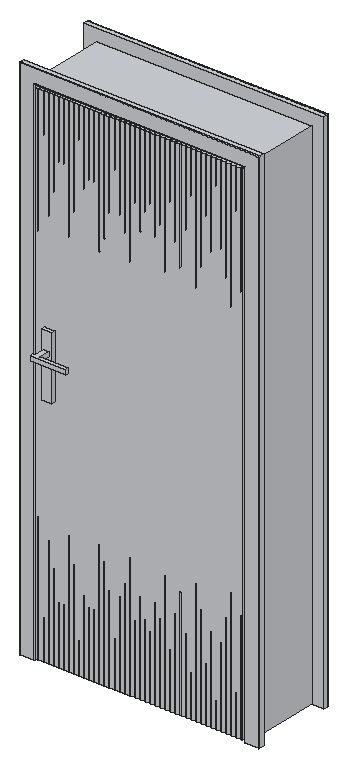
Revit family "PortaVECTORbp_G", category Drzwi, Revit 2016 (continued)
Definition of nested family "skrzydło"
  Automatic sketch dimensions
    Extrusion 3 sketch curve to Extrusion 3 sketch curve = 65.833 mm  (x4)
    Extrusion 3 sketch curve to Extrusion 3 sketch curve = 502.525 mm  (x2)
    Extrusion 3 sketch curve to Extrusion 3 sketch curve = 13.084 mm  (x2)
    Extrusion 3 sketch curve to Extrusion 3 sketch curve = 2.362 mm  (x2)
    Extrusion 3 sketch curve to Extrusion 3 sketch curve = 16.6 mm  (x2)
    Extrusion 3 sketch curve to Extrusion 3 sketch curve = 21.2 mm  (x2)
    Extrusion 3 sketch curve to Extrusion 3 sketch curve = 15.911 mm  (x2)
    Extrusion 3 sketch curve to Extrusion 3 sketch curve = 82.699 mm
    Extrusion 3 sketch curve to Extrusion 3 sketch curve = 96.553 mm  (x2)
    Extrusion 3 sketch curve to Extrusion 3 sketch curve = 106.581 mm  (x2)
    Extrusion 3 sketch curve to Extrusion 3 sketch curve = 28.113 mm
    Extrusion 3 sketch curve to Extrusion 3 sketch curve = 0.585 mm
    Extrusion 3 sketch curve to Extrusion 3 sketch curve = 12.592 mm  (x2)
    Extrusion 3 sketch curve to Extrusion 3 sketch curve = 50.701 mm  (x2)
    Extrusion 3 sketch curve to Extrusion 3 sketch curve = 95.148 mm  (x2)
    Extrusion 3 sketch curve to Extrusion 3 sketch curve = 57.966 mm
    Extrusion 3 sketch curve to Extrusion 3 sketch curve = 113.639 mm
    Extrusion 3 sketch curve to Extrusion 3 sketch curve = 108.581 mm  (x2)
    Extrusion 2 sketch curve to plane 3 "Środek (Lewa/Prawa)" = 115.217 mm  (x2)
    Extrusion 3 sketch curve to plane 3 "Środek (Lewa/Prawa)" = 115.217 mm  (x2)
  Nested families
    nested 1: "KLAMKA" at (-354, -33.5, 1067), Materiał klamki <- "Materiał_klamka", type "KLAMKA"
      with Materiał klamki none
    nested 2: "KLAMKA" at (-354, 6.5, 1067), Materiał klamki <- "Materiał_klamka", type "KLAMKA"
      with Materiał klamki none
  Definition of nested family "KLAMKA"
    Parameters
      Materiał klamki [instance] = none
      Assembly Code = ""
      Default Elevation = 1219.2 mm
    Reference planes
      plane 1 "Center (Front/Back)": y = 0
      plane 2: z = 0
      plane 3 "Center (Left/Right)": x = 0
      plane 4: z = 125
      plane 5: z = -125
      plane 6: x = 20
      plane 7: x = -20
      plane 8: y = -70
      plane 9: y = -60
      plane 10: x = 10
      plane 11: x = -10
      plane 12: x = 120
      plane 13: z = 35
      plane 14: z = 55
      plane 15: y = -15
    Forms (mm)
      Extrusion 1, solid, material <- "Materiał klamki"
        sketch origin (0, 0, 0) x (1, 0, 0) y (0, 0, 1)
          loop
            line (-20, 125) -> (-20, -125) -> (20, -125) -> (20, 125) -> (-20, 125)
        from 0 to 15
      Extrusion 2, solid, material <- "Materiał klamki"
        sketch origin (0, 0, 0) x (1, 0, 0) y (0, 1, 0)
          loop
            line (-10, -15) -> (-10, -60) -> (-20, -60) -> (-20, -70) -> (120, -70) -> (120, -60) -> (10, -60) -> (10, -15) -> (-10, -15)
        from 35 to 55
    Dimensions and locks
      equal spacing: plane 4, plane 2, plane 5
      plane 4 to plane 5 = 250 mm
      equal spacing: plane 7, plane 3 "Center (Left/Right)", plane 6
      plane 7 to plane 6 = 40 mm
      plane 8 to plane 1 "Center (Front/Back)" = 70 mm
      plane 11 to plane 3 "Center (Left/Right)" to plane 10 = 10 mm locked, 10 mm locked
      plane 7 to plane 12 = 140 mm
      plane 15 to plane 1 "Center (Front/Back)" = 15 mm
      aligned and locked: plane 7 to Extrusion 1 sketch curve
      aligned and locked: Extrusion 1 sketch curve to plane 4
      aligned and locked: plane 5 to Extrusion 1 sketch curve
      aligned and locked: Extrusion 1 sketch curve to plane 6
      aligned and locked: plane 15 to Extrusion 1
      aligned and locked: Extrusion 1 to plane 1 "Center (Front/Back)"
      aligned and locked: plane 14 to Extrusion 2
      aligned and locked: Extrusion 2 to plane 13
    Automatic sketch dimensions
      Extrusion 2 sketch curve to plane 7 = 0 mm
      Extrusion 2 sketch curve to plane 9 = 0 mm  (x2)
      Extrusion 2 sketch curve to plane 11 = 0 mm
      Extrusion 2 sketch curve to plane 10 = 0 mm
      Extrusion 2 sketch curve to plane 12 = 0 mm
      Extrusion 2 sketch curve to plane 8 = 0 mm
      Extrusion 2 sketch curve to plane 15 = 0 mm
Types (5, lengths in mm): name | Szerokość brutto | Ss | Sb | Szerokość
  PN 70 | 780 | 718 | 746 | 700
  PN 60 | 680 | 618 | 646 | 600
  PN 80 | 880 | 818 | 846 | 800
  PN 90 | 980 | 918 | 946 | 900
  PN 100 | 1080 | 1018 | 1046 | 1000
